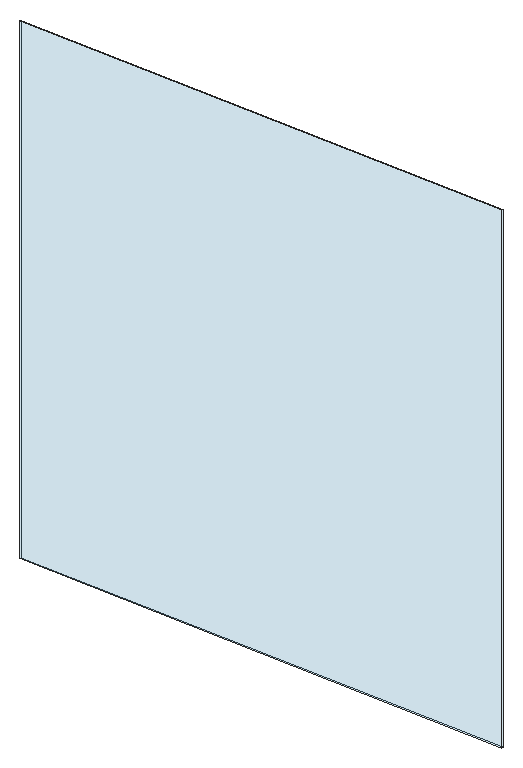
Revit family
Parameters (values of type "72" x 72"")
  Sealant = 0' - 0 3/8"
  SSO [instance] = yes
  SSI [instance] = yes
  SBO [instance] = yes
  Pocket Depth [instance] = 0' - 0 1/2"
  Head Height = Sill Height + Rough Height - Sealant  # 8' - 11 5/8"
  Depth [instance] = 0' - 4"
  Sill Height = 3' - 0"
  Rough Width = 6' - 0"
  Rough Height = 6' - 0"
  Model = "A400"
  Material = ""
  Manufacturer = "Arcadia"
  Sightline = 0' - 2 1/8"
  Height = Rough Height - Sealant  # 5' - 11 5/8"
  Wall Closure = (empty or 0)
  Width = Rough Width - Sealant  # 5' - 11 5/8"
  Glass Thickness [instance] = 0' - 0 1/4"
  Offset to Inside Face of Glass [instance] = 0' - 1 7/8"
  Construction Type = "Aluminum"
  SBI [instance] = yes
  Center of Rough Opening [instance] = Rough Width / 2  # 3' - 0"
  Center of Glass [instance] = Glass Thickness / 2  # 0' - 0 1/8"
  Center Wall to Outside Face [instance] = 0' - 2 7/8"
  CSO [instance] = yes
  CSI [instance] = yes
  Assembly Code = ""
Reference planes (in)
  plane 1 "Center (Front/Back)": y = 0
  plane 2: z = 0
  plane 3 "Center (Left/Right)": x = 12
  plane 4 "Rough Opening Bottom": z = 36
  plane 5 "Rough Opening Top": z = 108
  plane 6 "Exterior Face": y = 5.5
  plane 7 "Frame Top": z = 105.875
  plane 8 "Frame Bottom": z = 38.125
  plane 9 "Rough Opening Left": x = -24
  plane 10 "Rough Opening Right": x = 48
  plane 11 "Frame Left": x = -21.875
  plane 12 "Frame Right": x = 45.875
  plane 13 "Exterior Glass Edge": y = 0.17394
  plane 14 "Interior Glass Edge": y = -0.07606
  plane 15 "Glass Centerline": y = 0.04894
  plane 16 "Frame Outside": y = 2.04894
  plane 17 "Frame Inside": y = -1.95106
  plane 18: z = 106.375
  plane 19: z = 37.625
  plane 20: x = 46.375
  plane 21: x = -22.375
  plane 22: x = -23.625
  plane 23: x = 47.625
  plane 24: z = 107.625
  plane 25: z = 36.375
Forms (in)
  Extrusion 1, solid, material "Anodize Arcadia AC2 Clear #11", detail levels coarse
    sketch origin (0, 0, 36) x (0, -1, 0) y (1, 0, 0)
      loop
        line (-2.04894, -24) -> (1.95106, -24) -> (1.95106, -21.875) -> (0.07606, -21.875) -> (0.07606, -22.375) -> (-0.17394, -22.375) -> (-0.17394, -21.875) -> (-2.04894, -21.875) -> (-2.04894, -24)
    from 0 to 72 <- "Rough Height"
  Extrusion 2, solid, material "Anodize Arcadia AC2 Clear #11", detail levels coarse
    sketch origin (0, 0, 36) x (0, -1, 0) y (1, 0, 0)
      loop
        line (-2.04894, 45.875) -> (-0.17394, 45.875) -> (-0.17394, 46.375) -> (0.07606, 46.375) -> (0.07606, 45.875) -> (1.95106, 45.875) -> (1.95106, 48) -> (-2.04894, 48) -> (-2.04894, 45.875)
    from 0 to 72 <- "Rough Height"
  Extrusion 3, solid, material "Glass"
    sketch origin (-0.5, 0, 36) x (0, -1, 0) y (1, 0, 0)
      loop
        line (-0.17394, -21.875) -> (0.07606, -21.875) -> (0.07606, 46.875) -> (-0.17394, 46.875) -> (-0.17394, -21.875)
    from 1.625 to 70.375
  Extrusion 4, solid, material "Anodize Arcadia AC2 Clear #11", detail levels coarse
    sketch origin (-24, 0, 0) x (0, 1, 0) y (0, 0, 1)
      loop
        line (-1.95106, 108) -> (-1.95106, 105.875) -> (-0.07606, 105.875) -> (-0.07606, 106.375) -> (0.17394, 106.375) -> (0.17394, 105.875) -> (2.04894, 105.875) -> (2.04894, 108) -> (-1.95106, 108)
    from 0 to 72 <- "Rough Width"
  Extrusion 5, solid, material "Anodize Arcadia AC2 Clear #11", detail levels coarse
    sketch origin (-24, 0, 0) x (0, 1, 0) y (0, 0, 1)
      loop
        line (2.04894, 38.125) -> (0.17394, 38.125) -> (0.17394, 37.625) -> (-0.07606, 37.625) -> (-0.07606, 38.125) -> (-1.95106, 38.125) -> (-1.95106, 36) -> (2.04894, 36) -> (2.04894, 38.125)
    from 0 to 72 <- "Rough Width"
  Extrusion 6, void
    sketch origin (0, 0, 36) x (0, -1, 0) y (1, 0, 0)
      loop
        line (-5.5, -24) -> (2.5, -24) -> (2.5, 48) -> (-5.5, 48) -> (-5.5, -24)
    from 0 to 72 <- "Rough Height"
Lines and regions (in)
  symbolic lines, detail levels coarse
    curve 1: line (-24, 2.04894, 0) -> (-24, -1.95106, 0)
    curve 2: line (-24, -1.95106, 0) -> (-21.875, -1.95106, 0)
    curve 3: line (-21.875, -1.95106, 0) -> (-21.875, -0.07606, 0)
    curve 4: line (46.375, -0.07606, 0) -> (-22.375, -0.07606, 0)
    curve 5: line (-22.375, -0.07606, 0) -> (-22.375, 0.17394, 0)
    curve 6: line (-22.375, 0.17394, 0) -> (46.375, 0.17394, 0)
    curve 7: line (-21.875, 0.17394, 0) -> (-21.875, 2.04894, 0)
    curve 8: line (-21.875, 2.04894, 0) -> (-24, 2.04894, 0)
    curve 9: line (45.875, 2.04894, 0) -> (48, 2.04894, 0)
    curve 10: line (48, 2.04894, 0) -> (48, -1.95106, 0)
    curve 11: line (48, -1.95106, 0) -> (45.875, -1.95106, 0)
    curve 12: line (45.875, -1.95106, 0) -> (45.875, -0.07606, 0)
    curve 13: line (46.375, -0.07606, 0) -> (46.375, 0.17394, 0)
    curve 14: line (45.875, 0.17394, 0) -> (45.875, 2.04894, 0)
Text (in)
  text "EXTERIOR" at (-58.6888, 50.90694, 0), in view "Ref. Level"
  text "INTERIOR" at (-58.6888, -37.76638, 0), in view "Ref. Level"
  text "Exterior" at (0, 43.65631, 123.19604), in view "Left"
  text "Exterior" at (0, 18.29385, 125.04747), in view "Right"
  text "CSI" at (0, 41.79929, 97.24754), in view "Section 1"
  text "SBI" at (0, 41.79929, 82.24754), in view "Section 1"
  text "CSI" at (0, 41.79929, 66.24754), in view "Section 1"
  text "SBI" at (0, 41.79929, 52.24754), in view "Section 1"
Dimensions and locks (in)
  "Rough Height": plane 4 "Rough Opening Bottom" to plane 5 "Rough Opening Top"
  "Sill Height": plane 2 to plane 4 "Rough Opening Bottom"
  "Sightline": plane 7 "Frame Top" to plane 5 "Rough Opening Top"
  "Sightline": plane 4 "Rough Opening Bottom" to plane 8 "Frame Bottom"
  "Rough Width": plane 9 "Rough Opening Left" to plane 10 "Rough Opening Right"
  "Sightline": plane 9 "Rough Opening Left" to plane 11 "Frame Left"
  "Sightline": plane 12 "Frame Right" to plane 10 "Rough Opening Right"
  "Depth": plane 17 "Frame Inside" to plane 16 "Frame Outside"
  "Glass Thickness": plane 13 "Exterior Glass Edge" to plane 14 "Interior Glass Edge"
  "Center of Glass": plane 15 "Glass Centerline" to plane 14 "Interior Glass Edge"
  "Center of Rough Opening": plane 9 "Rough Opening Left" to plane 3 "Center (Left/Right)"
  "Offset to Inside Face of Glass": plane 17 "Frame Inside" to plane 14 "Interior Glass Edge"
  "Pocket Depth": plane 12 "Frame Right" to plane 20
  "Pocket Depth": plane 21 to plane 11 "Frame Left"
  "Pocket Depth": plane 7 "Frame Top" to plane 18
  "Pocket Depth": plane 19 to plane 8 "Frame Bottom"
  "Sealant": plane 24 to plane 5 "Rough Opening Top"
  "Sealant": plane 4 "Rough Opening Bottom" to plane 25
  aligned and locked: plane 6 "Exterior Face" to host wall
  aligned and locked: Extrusion 1 sketch curve to plane 17 "Frame Inside"
  aligned and locked: plane 16 "Frame Outside" to Extrusion 1 sketch curve
  aligned and locked: Extrusion 1 sketch curve to plane 11 "Frame Left"
  aligned and locked: plane 9 "Rough Opening Left" to Extrusion 1 sketch curve
  aligned and locked: plane 12 "Frame Right" to Extrusion 2 sketch curve
  aligned and locked: Extrusion 2 sketch curve to plane 10 "Rough Opening Right"
  aligned and locked: Extrusion 2 sketch curve to plane 17 "Frame Inside"
  aligned and locked: plane 16 "Frame Outside" to Extrusion 2 sketch curve
  aligned and locked: Extrusion 3 sketch curve to plane 13 "Exterior Glass Edge"
  aligned and locked: plane 14 "Interior Glass Edge" to Extrusion 3 sketch curve
  aligned and locked: plane 5 "Rough Opening Top" to Extrusion 4 sketch curve
  aligned and locked: Extrusion 4 sketch curve to plane 7 "Frame Top"
  aligned and locked: Extrusion 4 sketch curve to plane 17 "Frame Inside"
  aligned and locked: plane 16 "Frame Outside" to Extrusion 4 sketch curve
  aligned and locked: Extrusion 5 sketch curve to plane 4 "Rough Opening Bottom"
  aligned and locked: plane 8 "Frame Bottom" to Extrusion 5 sketch curve
  aligned and locked: Extrusion 5 sketch curve to plane 17 "Frame Inside"
  aligned and locked: plane 16 "Frame Outside" to Extrusion 5 sketch curve
  aligned and locked: plane 4 "Rough Opening Bottom" to nested 3
  aligned and locked: nested 2 to plane 5 "Rough Opening Top"
  aligned and locked: Extrusion 3 to plane 21
  aligned and locked: plane 19 to Extrusion 3
  aligned and locked: Extrusion 3 to plane 18
  aligned and locked: plane 17 "Frame Inside" to nested 3
  aligned and locked: plane 17 "Frame Inside" to nested 2
  aligned and locked: nested 4 to plane 9 "Rough Opening Left"
  aligned and locked: nested 4 to plane 16 "Frame Outside"
  aligned and locked: nested 1 to plane 16 "Frame Outside"
  aligned and locked: plane 10 "Rough Opening Right" to nested 1
  aligned and locked: plane 17 "Frame Inside" to import instance
  aligned and locked: plane 5 "Rough Opening Top" to import instance  (x6)
  aligned and locked: import instance to plane 13 "Exterior Glass Edge"  (x2)
  aligned and locked: import instance to plane 14 "Interior Glass Edge"  (x7)
  aligned and locked: plane 14 "Interior Glass Edge" to import instance  (x2)
  aligned and locked: import instance to plane 4 "Rough Opening Bottom"  (x6)
  aligned and locked: import instance to plane 16 "Frame Outside"  (x6)
  aligned and locked: import instance to plane 9 "Rough Opening Left"  (x4)
  aligned and locked: plane 9 "Rough Opening Left" to import instance  (x2)
  aligned and locked: plane 16 "Frame Outside" to import instance  (x6)
  aligned and locked: import instance to plane 10 "Rough Opening Right"  (x4)
  aligned and locked: plane 10 "Rough Opening Right" to import instance  (x2)
  aligned and locked: Extrusion 5 sketch curve to plane 14 "Interior Glass Edge"
  aligned and locked: plane 13 "Exterior Glass Edge" to Extrusion 5 sketch curve
  aligned and locked: plane 19 to Extrusion 5 sketch curve
  aligned and locked: plane 13 "Exterior Glass Edge" to Extrusion 1 sketch curve
  aligned and locked: Extrusion 1 sketch curve to plane 21
  aligned and locked: Extrusion 1 sketch curve to plane 14 "Interior Glass Edge"
  aligned and locked: plane 14 "Interior Glass Edge" to Extrusion 2 sketch curve
  aligned and locked: Extrusion 2 sketch curve to plane 20
  aligned and locked: Extrusion 4 sketch curve to plane 13 "Exterior Glass Edge"
  aligned and locked: plane 18 to Extrusion 4 sketch curve
  aligned and locked: plane 14 "Interior Glass Edge" to Extrusion 4 sketch curve
  aligned and locked: curve 8 to plane 16 "Frame Outside"
  aligned and locked: plane 11 "Frame Left" to curve 7
  aligned and locked: plane 21 to curve 5
  aligned and locked: plane 14 "Interior Glass Edge" to curve 4
  aligned and locked: plane 11 "Frame Left" to curve 3
  aligned and locked: plane 17 "Frame Inside" to curve 2
  aligned and locked: curve 1 to plane 9 "Rough Opening Left"
  aligned and locked: curve 6 to plane 13 "Exterior Glass Edge"
  aligned and locked: plane 16 "Frame Outside" to curve 9
  aligned and locked: curve 10 to plane 10 "Rough Opening Right"
  aligned and locked: curve 11 to plane 17 "Frame Inside"
  aligned and locked: plane 12 "Frame Right" to curve 12
  aligned and locked: plane 12 "Frame Right" to curve 14
  aligned and locked: plane 20 to curve 13
  aligned and locked: level to plane 2
  aligned and locked: plane 9 "Rough Opening Left" to Extrusion 6 sketch curve
  aligned and locked: plane 6 "Exterior Face" to Extrusion 6 sketch curve
  aligned and locked: host wall to Extrusion 6 sketch curve
  aligned and locked: plane 10 "Rough Opening Right" to Extrusion 6 sketch curve
Automatic sketch dimensions
  Extrusion 3 sketch curve to plane 21 = 0' - 0"
  Extrusion 3 sketch curve to plane 20 = 0' - 0"
  Extrusion 5 sketch curve to plane 8 "Frame Bottom" = 0' - 0"
  Extrusion 1 sketch curve to plane 11 "Frame Left" = 0' - 0"
  Extrusion 2 sketch curve to plane 12 "Frame Right" = 0' - 0"
  Extrusion 2 sketch curve to plane 13 "Exterior Glass Edge" = 0' - 0"
  Extrusion 4 sketch curve to plane 7 "Frame Top" = 0' - 0"
Nested families (in)
  nested 1: "Window-Arcadia-A400-Med-Jamb-R" at (46.9375, 0.04894, 0) x (-1, 0, 0) z (0, 0, 1), type "Window-Arcadia-A400-Med-Jamb-R", detail levels medium
    with Sightline 0' - 2 1/8", Pocket Depth 0' - 0 1/2", Offset to Inside Face of Glass 0' - 1 7/8", Glass Width 0' - 0 1/4", Frame Wall Thickness 0' - 0 3/32", Depth 0' - 4", Center of Glass 0' - 0 1/8"
  nested 2: "Window-Arcadia-A400-Med-Head" at (33.875, 0.04894, 108) x (0, -1, 0) z (1, 0, 0), type "Window-Arcadia-A400-Med-Head", detail levels medium
    with Sightline 0' - 2 1/8", Pocket Depth 0' - 0 1/2", Offset to Inside Face of Glass 0' - 1 7/8", Glass Width 0' - 0 1/4", Frame Wall Thickness 0' - 0 3/32", Depth 0' - 4", Center of Glass 0' - 0 1/8"
  nested 3: "Window-Arcadia-A400-Med-Sill" at (33.875, 0.04894, 36) x (0, -1, 0) z (1, 0, 0), type "Window-Arcadia-A400-Med-Sill", detail levels medium
    with Sightline 0' - 2 1/8", Pocket Depth 0' - 0 1/2", Offset to Inside Face of Glass 0' - 1 7/8", Glass Width 0' - 0 1/4", Frame Wall Thickness 0' - 0 3/32", Depth 0' - 4", Center of Glass 0' - 0 1/8"
  nested 4: "Window-Arcadia-A400-Med-Jamb-L" at (-22.9375, 0.04894, 0) x (-1, 0, 0) z (0, 0, 1), type "Window-Arcadia-A400-Med-Jamb-L", detail levels medium
    with Sightline 0' - 2 1/8", Pocket Depth 0' - 0 1/2", Offset to Inside Face of Glass 0' - 1 7/8", Glass Width 0' - 0 1/4", Frame Wall Thickness 0' - 0 3/32", Depth 0' - 4", Center of Glass 0' - 0 1/8"
Definition of nested family "Window-Arcadia-A400-Med-Jamb-R"
  Parameters (values of type "Window-Arcadia-TC670-Med-Jamb-R")
    Depth [instance] = 0' - 6"
    Pocket Depth [instance] = 0' - 0 3/4"
    Offset to Inside Face of Glass [instance] = 0' - 4"
    Glass Width [instance] = 0' - 1"
    Sightline [instance] = 0' - 2 5/8"
    Center of Glass [instance] = Glass Width / 2  # 0' - 0 1/2"
    Frame Wall Thickness [instance] = 0' - 0 3/32"
    Assembly Code = ""
  Reference planes (in)
    plane 1 "Center (Front/Back)": y = 0
    plane 2: z = 0
    plane 3: x = 1.5625
    plane 4 "back": x = -1.0625
    plane 5: y = 4.5
    plane 6: y = -1.5
    plane 7 "Inside Face of Glass": y = 0.5
    plane 8: y = -0.5
    plane 9: x = 0.8125
  Lines and regions (in)
    detail lines, in view "Ref. Level", detail levels medium
      curve 1: line (-1.0625, 4.5, 0) -> (-1.0625, -1.5, 0)
      curve 2: line (-1.0625, -1.5, 0) -> (1.5625, -1.5, 0)
      curve 3: line (1.5625, -1.5, 0) -> (1.5625, -0.5, 0)
      curve 4: line (1.5625, -0.5, 0) -> (0.8125, -0.5, 0)
      curve 5: line (0.8125, -0.5, 0) -> (0.8125, 0.5, 0)
      curve 6: line (0.8125, 0.5, 0) -> (1.5625, 0.5, 0)
      curve 7: line (1.5625, 0.5, 0) -> (1.5625, 4.5, 0)
      curve 8: line (1.5625, 4.5, 0) -> (-1.0625, 4.5, 0)
      curve 9: line (1.46875, 4.40625, 0) -> (-0.96875, 4.40625, 0)
      curve 10: line (-0.96875, 4.40625, 0) -> (-0.96875, -1.40625, 0)
      curve 11: line (-0.96875, -1.40625, 0) -> (1.46875, -1.40625, 0)
      curve 12: line (1.46875, -1.40625, 0) -> (1.46875, -0.59375, 0)
      curve 13: line (1.46875, -0.59375, 0) -> (0.71875, -0.59375, 0)
      curve 14: line (0.71875, -0.59375, 0) -> (0.71875, 0.59375, 0)
      curve 15: line (0.71875, 0.59375, 0) -> (1.46875, 0.59375, 0)
      curve 16: line (1.46875, 0.59375, 0) -> (1.46875, 4.40625, 0)
      curve 17: line (1.5625, 4.5, 0) -> (-1.0625, 4.5, 0)
      curve 18: line (-1.0625, 4.40625, 0) -> (-1.0625, -1.5, 0)
  Dimensions and locks (in)
    "Sightline": plane 4 "back" to plane 3
    "Depth": plane 5 to plane 6
    "Center of Glass": plane 1 "Center (Front/Back)" to plane 7 "Inside Face of Glass"
    "Glass Width": plane 8 to plane 7 "Inside Face of Glass"
    "Pocket Depth": plane 9 to plane 3
    "Offset to Inside Face of Glass": plane 5 to plane 7 "Inside Face of Glass"
    "Frame Wall Thickness": plane 5 to curve 9
    "Frame Wall Thickness": plane 4 "back" to curve 10
    "Frame Wall Thickness": curve 11 to plane 6
    "Frame Wall Thickness": curve 12 to plane 3
    "Frame Wall Thickness": curve 13 to plane 8
    "Frame Wall Thickness": plane 7 "Inside Face of Glass" to curve 15
    "Frame Wall Thickness": curve 14 to plane 9
    "Frame Wall Thickness": curve 16 to plane 3
    aligned and locked: plane 5 to curve 8
    aligned and locked: curve 1 to plane 4 "back"
    aligned and locked: curve 2 to plane 6
    aligned and locked: plane 3 to curve 3
    aligned and locked: curve 4 to plane 8
    aligned and locked: plane 9 to curve 5
    aligned and locked: plane 7 "Inside Face of Glass" to curve 6
    aligned and locked: plane 3 to curve 7
  Automatic sketch dimensions
    curve 18 to curve 9 = 0' - 0"
Definition of nested family "Window-Arcadia-A400-Med-Head"
  Parameters (values of type "Window-Arcadia-A400-Med-Head")
    Depth [instance] = 0' - 6"
    Pocket Depth [instance] = 0' - 0 1/2"
    Offset to Inside Face of Glass [instance] = 0' - 4"
    Glass Width [instance] = 0' - 1"
    Sightline [instance] = 0' - 2 5/8"
    Center of Glass [instance] = Glass Width / 2  # 0' - 0 1/2"
    Frame Wall Thickness [instance] = 0' - 0 3/32"
    Assembly Code = ""
  Reference planes (in)
    plane 1 "Center (Front/Back)": y = 0
    plane 2: z = 0
    plane 3 "Center (Left/Right)": x = 0
    plane 4: x = -0.5
    plane 5 "Inside Face of Glass": x = 0.5
    plane 6: y = -2.625
    plane 7: x = 4.5
    plane 8: x = -1.5
    plane 9: y = -2.125
  Lines and regions (in)
    detail lines, in view "Ref. Level", detail levels medium
      curve 1: line (-1.5, 0, 0) -> (-1.5, -2.625, 0)
      curve 2: line (-1.5, -2.625, 0) -> (-0.5, -2.625, 0)
      curve 3: line (-0.5, -2.625, 0) -> (-0.5, -2.125, 0)
      curve 4: line (-0.5, -2.125, 0) -> (0.5, -2.125, 0)
      curve 5: line (0.5, -2.125, 0) -> (0.5, -2.625, 0)
      curve 6: line (0.5, -2.625, 0) -> (4.5, -2.625, 0)
      curve 7: line (4.5, -2.625, 0) -> (4.5, 0, 0)
      curve 8: line (4.5, 0, 0) -> (-1.5, 0, 0)
      curve 9: line (-1.40625, -0.09375, 0) -> (-1.40625, -2.53125, 0)
      curve 10: line (4.40625, -0.09375, 0) -> (-1.40625, -0.09375, 0)
      curve 11: line (4.40625, -2.53125, 0) -> (4.40625, -0.09375, 0)
      curve 12: line (0.59375, -2.53125, 0) -> (4.40625, -2.53125, 0)
      curve 13: line (-1.40625, -2.53125, 0) -> (-0.59375, -2.53125, 0)
      curve 14: line (-0.59375, -2.53125, 0) -> (-0.59375, -2.03125, 0)
      curve 15: line (-0.59375, -2.03125, 0) -> (0.59375, -2.03125, 0)
      curve 16: line (0.59375, -2.03125, 0) -> (0.59375, -2.53125, 0)
  Dimensions and locks (in)
    "Sightline": plane 6 to plane 1 "Center (Front/Back)"
    "Depth": plane 8 to plane 7
    "Pocket Depth": plane 6 to plane 9
    "Offset to Inside Face of Glass": plane 5 "Inside Face of Glass" to plane 7
    "Glass Width": plane 4 to plane 5 "Inside Face of Glass"
    "Center of Glass": plane 3 "Center (Left/Right)" to plane 5 "Inside Face of Glass"
    "Frame Wall Thickness": plane 8 to curve 9
    "Frame Wall Thickness": curve 10 to plane 1 "Center (Front/Back)"
    "Frame Wall Thickness": curve 11 to plane 7
    "Frame Wall Thickness": plane 6 to curve 12
    "Frame Wall Thickness": plane 6 to curve 13
    "Frame Wall Thickness": plane 9 to curve 15
    "Frame Wall Thickness": plane 5 "Inside Face of Glass" to curve 16
    "Frame Wall Thickness": curve 14 to plane 4
    aligned and locked: curve 8 to plane 1 "Center (Front/Back)"
    aligned and locked: plane 7 to curve 7
    aligned and locked: curve 1 to plane 8
    aligned and locked: plane 9 to curve 4
    aligned and locked: plane 4 to curve 3
    aligned and locked: plane 6 to curve 2
    aligned and locked: plane 6 to curve 6
  Automatic sketch dimensions
    curve 5 to plane 5 "Inside Face of Glass" = 0' - 0"
Definition of nested family "Window-Arcadia-A400-Med-Sill"
  Parameters (values of type "Window-Arcadia-A400-Med-Sill")
    Depth [instance] = 0' - 6"
    Pocket Depth [instance] = 0' - 0 1/2"
    Offset to Inside Face of Glass [instance] = 0' - 4"
    Glass Width [instance] = 0' - 1"
    Sightline [instance] = 0' - 2 5/8"
    Center of Glass [instance] = Glass Width / 2  # 0' - 0 1/2"
    Frame Wall Thickness [instance] = 0' - 0 3/32"
    Assembly Code = ""
  Reference planes (in)
    plane 1 "Center (Front/Back)": y = 0
    plane 2: z = 0
    plane 3 "Center (Left/Right)": x = 0
    plane 4: x = -0.5
    plane 5 "Inside Face of Glass": x = 0.5
    plane 6: y = 2.625
    plane 7: x = 4.5
    plane 8: x = -1.5
    plane 9: y = 2.125
  Lines and regions (in)
    detail lines, in view "Ref. Level", detail levels medium
      curve 1: line (-1.5, 2.625, 0) -> (-1.5, 0, 0)
      curve 2: line (-1.5, 0, 0) -> (4.5, 0, 0)
      curve 3: line (4.5, 0, 0) -> (4.5, 2.625, 0)
      curve 4: line (4.5, 2.625, 0) -> (0.5, 2.625, 0)
      curve 5: line (0.5, 2.625, 0) -> (0.5, 2.125, 0)
      curve 6: line (0.5, 2.125, 0) -> (-0.5, 2.125, 0)
      curve 7: line (-0.5, 2.125, 0) -> (-0.5, 2.625, 0)
      curve 8: line (-0.5, 2.625, 0) -> (-1.5, 2.625, 0)
      curve 9: line (-0.59375, 2.53125, 0) -> (-1.40625, 2.53125, 0)
      curve 10: line (-1.40625, 2.53125, 0) -> (-1.40625, 0.09375, 0)
      curve 11: line (-1.40625, 0.09375, 0) -> (4.40625, 0.09375, 0)
      curve 12: line (4.40625, 0.09375, 0) -> (4.40625, 2.53125, 0)
      curve 13: line (4.40625, 2.53125, 0) -> (0.59375, 2.53125, 0)
      curve 14: line (0.59375, 2.53125, 0) -> (0.59375, 2.03125, 0)
      curve 15: line (0.59375, 2.03125, 0) -> (-0.59375, 2.03125, 0)
      curve 16: line (-0.59375, 2.03125, 0) -> (-0.59375, 2.53125, 0)
  Dimensions and locks (in)
    "Pocket Depth": plane 9 to plane 6
    "Sightline": plane 1 "Center (Front/Back)" to plane 6
    "Depth": plane 8 to plane 7
    "Offset to Inside Face of Glass": plane 5 "Inside Face of Glass" to plane 7
    "Glass Width": plane 4 to plane 5 "Inside Face of Glass"
    "Center of Glass": plane 3 "Center (Left/Right)" to plane 5 "Inside Face of Glass"
    "Frame Wall Thickness": curve 9 to plane 6
    "Frame Wall Thickness": plane 8 to curve 10
    "Frame Wall Thickness": plane 1 "Center (Front/Back)" to curve 11
    "Frame Wall Thickness": curve 12 to plane 7
    "Frame Wall Thickness": curve 13 to plane 6
    "Frame Wall Thickness": plane 5 "Inside Face of Glass" to curve 14
    "Frame Wall Thickness": curve 15 to plane 9
    "Frame Wall Thickness": curve 16 to plane 4
    aligned and locked: plane 1 "Center (Front/Back)" to curve 2
    aligned and locked: plane 7 to curve 3
    aligned and locked: curve 1 to plane 8
    aligned and locked: curve 8 to plane 6
    aligned and locked: curve 4 to plane 6
    aligned and locked: curve 6 to plane 9
    aligned and locked: curve 5 to plane 5 "Inside Face of Glass"
    aligned and locked: plane 4 to curve 7
  Automatic sketch dimensions
    curve 7 to plane 9 = 0' - 0"
Definition of nested family "Window-Arcadia-A400-Med-Jamb-L"
  Parameters (values of type "Window-Arcadia-TC670-Med-Jamb-L")
    Depth [instance] = 0' - 6"
    Pocket Depth [instance] = 0' - 0 1/2"
    Offset to Inside Face of Glass [instance] = 0' - 4"
    Glass Width [instance] = 0' - 1"
    Sightline [instance] = 0' - 2 1/8"
    Center of Glass [instance] = Glass Width / 2  # 0' - 0 1/2"
    Frame Wall Thickness [instance] = 0' - 0 3/32"
    Assembly Code = ""
  Reference planes (in)
    plane 1 "Center (Front/Back)": y = 0
    plane 2: z = 0
    plane 3 "BACK": x = 1.0625
    plane 4 "FRONT": x = -1.0625
    plane 5: y = 1.5
    plane 6: y = -4.5
    plane 7 "Inside Face of Glass": y = 0.5
    plane 8: y = -0.5
    plane 9: x = -0.5625
  Lines and regions (in)
    detail lines, in view "Ref. Level", detail levels medium
      curve 1: line (1.0625, 1.5, 0) -> (1.0625, -4.5, 0)
      curve 2: line (1.0625, -4.5, 0) -> (-1.0625, -4.5, 0)
      curve 3: line (-1.0625, -4.5, 0) -> (-1.0625, -0.5, 0)
      curve 4: line (-1.0625, -0.5, 0) -> (-0.5625, -0.5, 0)
      curve 5: line (-0.5625, -0.5, 0) -> (-0.5625, 0.5, 0)
      curve 6: line (-0.5625, 0.5, 0) -> (-1.0625, 0.5, 0)
      curve 7: line (-1.0625, 0.5, 0) -> (-1.0625, 1.5, 0)
      curve 8: line (-1.0625, 1.5, 0) -> (1.0625, 1.5, 0)
      curve 9: line (-0.96875, 1.40625, 0) -> (0.96875, 1.40625, 0)
      curve 10: line (-0.96875, 0.59375, 0) -> (-0.96875, 1.40625, 0)
      curve 11: line (-0.46875, 0.59375, 0) -> (-0.96875, 0.59375, 0)
      curve 12: line (-0.46875, -0.59375, 0) -> (-0.46875, 0.59375, 0)
      curve 13: line (-0.96875, -0.59375, 0) -> (-0.46875, -0.59375, 0)
      curve 14: line (-0.96875, -4.40625, 0) -> (-0.96875, -0.59375, 0)
      curve 15: line (0.96875, -4.40625, 0) -> (-0.96875, -4.40625, 0)
      curve 16: line (0.96875, 1.40625, 0) -> (0.96875, -4.40625, 0)
  Dimensions and locks (in)
    "Depth": plane 5 to plane 6
    "Pocket Depth": plane 4 "FRONT" to plane 9
    "Sightline": plane 4 "FRONT" to plane 3 "BACK"
    "Glass Width": plane 8 to plane 7 "Inside Face of Glass"
    "Center of Glass": plane 1 "Center (Front/Back)" to plane 7 "Inside Face of Glass"
    "Frame Wall Thickness": plane 4 "FRONT" to curve 10
    "Frame Wall Thickness": plane 5 to curve 9
    "Frame Wall Thickness": curve 15 to plane 6
    "Frame Wall Thickness": curve 13 to plane 8
    "Frame Wall Thickness": plane 9 to curve 12
    "Frame Wall Thickness": plane 7 "Inside Face of Glass" to curve 11
    "Frame Wall Thickness": plane 4 "FRONT" to curve 14
    "Offset to Inside Face of Glass": plane 6 to plane 8
    aligned and locked: curve 8 to plane 5
    aligned and locked: curve 1 to plane 3 "BACK"
    aligned and locked: plane 6 to curve 2
    aligned and locked: curve 3 to plane 4 "FRONT"
    aligned and locked: plane 8 to curve 4
    aligned and locked: plane 9 to curve 5
    aligned and locked: curve 6 to plane 7 "Inside Face of Glass"
    aligned and locked: plane 4 "FRONT" to curve 7
  Automatic sketch dimensions
    curve 16 to plane 3 "BACK" = 0' - 0 3/32"
